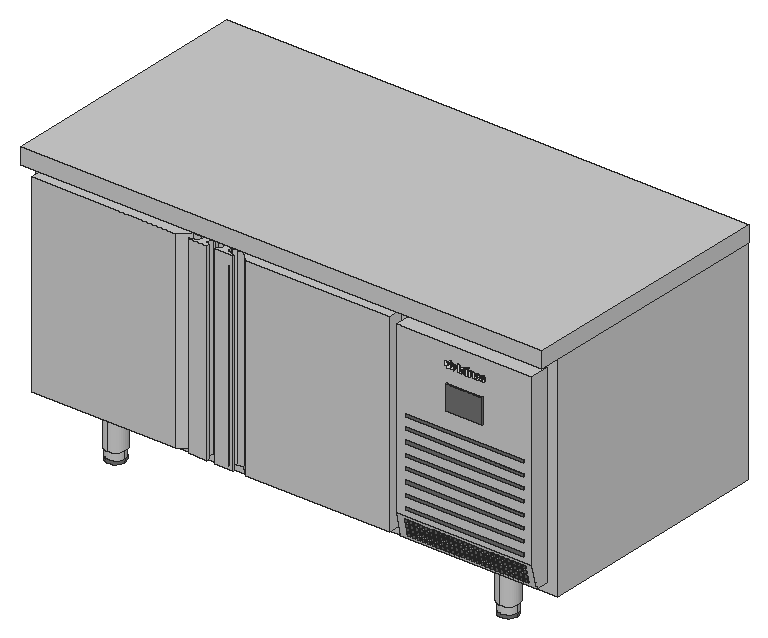
Revit family "QF_INFRICO_MR1620BT_250813014643", category Specialty Equipment, Revit 2021
Family settings
  Round Connector Dimension = Use Diameter
  Part Type = Normal
  OmniClass Number = 23.40.40.14
  OmniClass Title = Food Service Equipment
  Work Plane-Based = No
  Always vertical = Yes
  Cut with Voids When Loaded = No
  Shared = No
  Room Calculation Point = No
Parameters (values of type "MR1620BT")
  Weight [instance] = 160.00 kg
  Waste Water Discharge Temperature [instance] = 0 °C
  Waste Remarks [instance] = ""
  Warranty Start Date [instance] = ""
  Warranty Duration [instance] = ""
  Volts [instance] = 230 V
  Volt Free Conn [instance] = no
  URL Recommended Spares List [instance] = ""
  URL Manufacturer [instance] = ""
  URL Cutsheet [instance] = ""
  URL Critical Spares List [instance] = ""
  URL = "www.infrico.com"
  Technical Documentation [instance] = ""
  Tag Number [instance] = ""
  Status [instance] = ""
  Start Up Current [instance] = 0 A
  Specification by User [instance] = ""
  Specification by Manufacturer [instance] = ""
  Sound Level [instance] = ""
  Show Logo [instance] = yes
  Show Clearances [instance] = yes
  Service Life Duration [instance] = ""
  Serial Number [instance] = ""
  Seismic Rating [instance] = ""
  SMACNA No [instance] = ""
  Revision Code [instance] = ""
  Revision [instance] = ""
  Production Year [instance] = ""
  Potential Equalisation [instance] = no
  Point Load [instance] = 0
  Plumbing Connection Type [instance] = ""
  Phase [instance] = 1
  Other Equipment Approvals [instance] = ""
  Operational Current [instance] = 0 A
  Number of Poles [instance] = 2
  No Load Power Draw [instance] = no
  NAFEM Spec ID Number [instance] = ""
  Model Warning [instance] = ""
  Model = "MR1620BT"
  Min Ckt Ampacity [instance] = 0 A
  Max Overcurrent Protection [instance] = 0 A
  Masterspec [instance] = ""
  Manufacturer = "INFRICO"
  Main switch integrated [instance] = no
  Length Actual [instance] = 1617.98 mm
  Item Number [instance] = ""
  Installed By [instance] = ""
  Installation Date [instance] = ""
  Indirect Waste Size [instance] = 19.05 mm
  Indirect Waste Remarks [instance] = ""
  Indirect Waste Flow [instance] = 0.0 L/s
  Indirect Waste Connection Type [instance] = ""
  Indirect Waste Connection Height [instance] = 0 mm
  Identify Quantity as Lot [instance] = no
  ID [instance] = ""
  Hygiene Approval [instance] = ""
  Height Actual [instance] = 849.884 mm
  HP power [instance] = ""
  Furnished By [instance] = ""
  Foodservice Equipment Identifier [instance] = no
  FL Amps [instance] = 0 A
  Electrical Remarks [instance] = ""
  Electric power [instance] = 650 W
  Electric Connection Type [instance] = ""
  Elec Conn RI Height [instance] = 0 mm
  Elec Conn Connection Height [instance] = 0 mm
  ETL Approved [instance] = no
  Direct Waste Water Discharge Temperature [instance] = -273.15 °C
  Direct Waste Size [instance] = 19.05 mm
  Direct Waste RI Height [instance] = 0 mm
  Direct Waste Flow [instance] = 0.0 L/s
  Direct Waste Connection Height [instance] = 0 mm
  Description = "EURONORM 600X400 PASTRY COUNTER REFRIGERATOR AND FREEZER 800 SERIES - R134A"
  Depth Actual [instance] = 800.1 mm
  Default Elevation = 0 mm
  Cycle [instance] = 50 Hz
  Cost = 0
  Connection to energy optimisation system [instance] = yes
  Conn Plug [instance] = ""
  Conn Conduit [instance] = no
  Centralized building control system with digital interface [instance] = ""
  CSI MasterFormat [instance] = ""
  CE Approved [instance] = no
  Barcode [instance] = 0
  Author [instance] = ""
  Asset Identifier [instance] = ""
  Apparent Power [instance] = 650 VA
  Accessory [instance] = no
Reference planes
  plane 1 "Center (Front/Back)": y = 0
  plane 2: z = 0
  plane 3 "Center (Left/Right)": x = 0
Forms (mm)
  Extrusion 1, solid, not visible
    sketch origin (615.03, -113.006, 142.007) x (1, 0, 0) y (0, 1, 0)
      loop
        line (-2, 2) -> (-2, -2) -> (2, -2) -> (2, 2) -> (-2, 2)
    from -2 to 2
  Extrusion 2, solid, not visible
    sketch origin (1556.076, -60.003, 142.007) x (1, 0, 0) y (0, 1, 0)
      loop
        line (-2, 2) -> (-2, -2) -> (2, -2) -> (2, 2) -> (-2, 2)
    from -2 to 2
Dimensions and locks
  locked: nested 2 to Extrusion 1 at 2  (x2)
  locked: nested 3 to Extrusion 2 at 2  (x2)
  aligned and locked: level to plane 2
Nested families
  nested 1: "QF_INFRICO_MR1620_2920" at (0, 0, 140), type "MR1620BT"
    with Weight 160.00 kg, Warranty Start Date "", Warranty Duration "", URL Cutsheet "", Technical Documentation "", Tag Number "", Status "", Specification by User "", Specification by Manufacturer "", Sound Level "", Solid Fuel Type "", Show Logo yes, Show Clearances yes, Show Clearance yes, Service Life Duration "", Serial Number "", Seismic Rating "", SMACNA No "", Revision Code "", Revision "", Production Year "", Point Load 0, Other Equipment Approvals "", NAFEM Spec ID Number "", Model Warning "", Masterspec "", Length Actual 1617.98 mm, Item Number "", Installed By "", Installation Date "", Identify Quantity as Lot yes, ID "", Hygiene Approval "", Height Actual 849.884 mm, Furnished By "", Foodservice Equipment Identifier yes, ETL Approved yes, Depth Actual 800.1 mm, CSI MasterFormat "", CE Approved no, Barcode "", Author "", Asset Identifier "", Accessory no
  nested 2: "CONN_POINT_DRAIN_2D___Generic_Annotation" at (615.03, -113.006, 140.007), type "CONN_POINT_DRAIN_2D___Generic_Annotation"
    with Onboard connection annotation symbol visibility yes
  nested 3: "CONN_POINT_ELE_2D___Generic_Annotation" at (1556.076, -60.003, 140.007), type "CONN_POINT_ELE_2D___Generic_Annotation"
    with Onboard connection annotation symbol visibility yes
  nested 4: "QF_INFRICO_MR_DOOR_SX_4840" at (22, -738, 168), type "MR_DOOR_SX"
    with Weight 0.00 kg, Warranty Start Date "", Warranty Duration "", URL Cutsheet "", Technical Documentation "", Tag Number "", Status "", Specification by User "", Specification by Manufacturer "", Sound Level "", Solid Fuel Type "", Show Logo yes, Show Clearances yes, Show Clearance yes, Service Life Duration "", Serial Number "", Seismic Rating "", SMACNA No "", Revision Code "", Revision "", Production Year "", Point Load 0, Other Equipment Approvals "", NAFEM Spec ID Number "", Model Warning "", Masterspec "", Length Actual 542.036 mm, Item Number "", Installed By "", Installation Date "", Identify Quantity as Lot yes, ID "", Hygiene Approval "", Height Actual 596.9 mm, Furnished By "", Foodservice Equipment Identifier yes, ETL Approved yes, Depth Actual 54.102 mm, CSI MasterFormat "", CE Approved no, Barcode "", Author "", Asset Identifier "", Accessory yes
  nested 5: "QF_INFRICO_MR_DOOR_DX_5621" at (589, -738, 168), type "MR_DOOR_DX"
    with Weight 0.00 kg, Warranty Start Date "", Warranty Duration "", URL Cutsheet "", Technical Documentation "", Tag Number "", Status "", Specification by User "", Specification by Manufacturer "", Sound Level "", Solid Fuel Type "", Show Logo yes, Show Clearances yes, Show Clearance yes, Service Life Duration "", Serial Number "", Seismic Rating "", SMACNA No "", Revision Code "", Revision "", Production Year "", Point Load 0, Other Equipment Approvals "", NAFEM Spec ID Number "", Model Warning "", Masterspec "", Length Actual 542.036 mm, Item Number "", Installed By "", Installation Date "", Identify Quantity as Lot yes, ID "", Hygiene Approval "", Height Actual 596.9 mm, Furnished By "", Foodservice Equipment Identifier yes, ETL Approved yes, Depth Actual 54.102 mm, CSI MasterFormat "", CE Approved no, Barcode "", Author "", Asset Identifier "", Accessory yes
  nested 6: "QF_INFRICO_WORKTOP_6398" at (0, 0, 800), type "ENC12SPMR16"
    with Weight 0.00 kg, Warranty Start Date "", Warranty Duration "", URL Cutsheet "", Technical Documentation "", Tag Number "", Status "", Specification by User "", Specification by Manufacturer "", Sound Level "", Solid Fuel Type "", Show Logo yes, Show Clearances yes, Show Clearance yes, Service Life Duration "", Serial Number "", Seismic Rating "", SMACNA No "", Revision Code "", Revision "", Production Year "", Point Load 0, Other Equipment Approvals "", NAFEM Spec ID Number "", Model Warning "", Masterspec "", Length Actual 1617.98 mm, Item Number "", Installed By "", Installation Date "", Identify Quantity as Lot yes, ID "", Hygiene Approval "", Height Actual 50.038 mm, Furnished By "", Foodservice Equipment Identifier yes, ETL Approved yes, Depth Actual 800.1 mm, CSI MasterFormat "", CE Approved no, Barcode "", Author "", Asset Identifier "", Accessory yes
  nested 7: "QF_INFRICO_LEGS_7242" at (0, 0, 0), type "LEGS_1610_800"
    with Weight 0.00 kg, Warranty Start Date "", Warranty Duration "", URL Cutsheet "", Technical Documentation "", Tag Number "", Status "", Specification by User "", Specification by Manufacturer "", Sound Level "", Solid Fuel Type "", Show Logo yes, Show Clearances yes, Show Clearance yes, Service Life Duration "", Serial Number "", Seismic Rating "", SMACNA No "", Revision Code "", Revision "", Production Year "", Point Load 0, Other Equipment Approvals "", NAFEM Spec ID Number "", Model Warning "", Masterspec "", Length Actual 1468.12 mm, Item Number "", Installed By "", Installation Date "", Identify Quantity as Lot yes, ID "", Hygiene Approval "", Height Actual 139.954 mm, Furnished By "", Foodservice Equipment Identifier yes, ETL Approved yes, Depth Actual 800.1 mm, CSI MasterFormat "", CE Approved no, Barcode "", Author "", Asset Identifier "", Accessory yes
Connectors
  piping at (615.03, -113.006, 140.007), diameter 19.05, driven by "Indirect Waste Size", driven by "Direct Waste Flow"
    settings: on Extrusion 1, index 1, connector inside diameter 609.6 mm, connector length 0 mm, flow factor 0, pipe flow 0.0 L/s, pressure drop 0.0 Pa, fitting loss kfactor 0, connector angle 0.00°, fixture units 0, engagement length 0 mm, angle of deflection 0.00°, flow configuration 1, flow direction 2, fitting loss method 0, system type 16, joint type 0, gender type 0, connector reference index -1, connector utility 0, adjustable connector no, is connector primary yes, connector description "Waste connection for MR1620BT"
  electrical at (1556.076, -60.003, 140.007), driven by "Apparent Power", driven by "Number of Poles", driven by "Volts"
    settings: on Extrusion 2, index 2, voltage 230 V, apparent load 0 VA, apparent load phase1 650 VA, apparent load phase2 0 VA, apparent load phase3 0 VA, power factor 1, load classification "Other", number of poles 2, system type 31, power factor state 1, is connector primary yes, connector utility no, sub classification motor no, connector description "Electrical connection for MR1620BT"
Definition of nested family "QF_INFRICO_MR1620_2920"
  Parameters (values of type "MR1620-R290")
    Weight [instance] = 0.00 kg
    Warranty Start Date [instance] = ""
    Warranty Duration [instance] = ""
    URL Cutsheet [instance] = ""
    URL = "www.infrico.com"
    Technical Documentation [instance] = ""
    Tag Number [instance] = ""
    Status [instance] = ""
    Specification by User [instance] = ""
    Specification by Manufacturer [instance] = ""
    Sound Level [instance] = ""
    Solid Fuel Type [instance] = ""
    Show Logo [instance] = yes
    Show Clearances [instance] = yes
    Show Clearance [instance] = yes
    Service Life Duration [instance] = ""
    Serial Number [instance] = ""
    Seismic Rating [instance] = ""
    SMACNA No [instance] = ""
    Revision Code [instance] = ""
    Revision [instance] = ""
    Production Year [instance] = ""
    Point Load [instance] = 0
    Other Equipment Approvals [instance] = ""
    NAFEM Spec ID Number [instance] = ""
    Model Warning [instance] = ""
    Model = "MR1620"
    Masterspec [instance] = ""
    Manufacturer = "INFRICO"
    Length Actual [instance] = 0 mm
    Item Number [instance] = ""
    Installed By [instance] = ""
    Installation Date [instance] = ""
    Identify Quantity as Lot [instance] = yes
    ID [instance] = ""
    Hygiene Approval [instance] = ""
    Height Actual [instance] = 0 mm
    Furnished By [instance] = ""
    Foodservice Equipment Identifier [instance] = yes
    ETL Approved [instance] = yes
    Description = "EURONORM 600X400 PASTRY COUNTER REFRIGERATOR AND FREEZER 800 SERIES - R290"
    Depth Actual [instance] = 0 mm
    Default Elevation = 0 mm
    CSI MasterFormat [instance] = ""
    CE Approved [instance] = yes
    Barcode [instance] = ""
    Author [instance] = ""
    Asset Identifier [instance] = ""
    Assembly Code = "E1090320"
    Accessory [instance] = yes
  Types (4, lengths in mm): name | Model | Description
    MR1620 | "MR1620" | "EURONORM 600X400 PASTRY COUNTER REFRIGERATOR AND FREEZER 800 SERIES - R134A"
    MR1620BT | "MR1620BT" | "EURONORM 600X400 PASTRY COUNTER REFRIGERATOR AND FREEZER 800 SERIES - R134A"
    MR1620CR | "MR1620CR" | "GLASS DOOR EURONORM 600X400 PASTRY COUNTER REFRIGERATOR 800 SERIES - R134A"
    MR1620-R290 | "MR1620" | "EURONORM 600X400 PASTRY COUNTER REFRIGERATOR AND FREEZER 800 SERIES - R290"
  Reference planes
    plane 1 "Back": y = 0
    plane 2: z = 0
    plane 3 "Left": x = 0
    plane 4 "Right": x = 1618
    plane 5 "Front": y = -800
    plane 6 "Top": z = 660
  Forms (mm)
    Extrusion 1, solid
      sketch origin (150, -100, -140) x (0, 1, 0) y (0, 0, 1)
        loop
          line (-638.02, 765.292) -> (-695.03, 765.292) -> (-695.03, 238.436) -> (-678.769, 168) -> (-638.02, 168) -> (-638.02, 765.292)
      from 1013.993 to 1433.993
    Extrusion 2, solid
      sketch origin (-1850, -793.13, -140) x (1, 0, 0) y (0, 0, 1)
        loop
          line (3408.016, 523.949) -> (3040.73, 523.949) -> (3040.73, 514.949) -> (3408.016, 514.949) -> (3408.016, 523.949)
        loop
          line (3408.016, 486.949) -> (3040.73, 486.949) -> (3040.73, 477.949) -> (3408.016, 477.949) -> (3408.016, 486.949)
        loop
          line (3408.016, 449.949) -> (3040.73, 449.949) -> (3040.73, 440.949) -> (3408.016, 440.949) -> (3408.016, 449.949)
        loop
          line (3408.016, 412.949) -> (3040.73, 412.949) -> (3040.73, 403.949) -> (3408.016, 403.949) -> (3408.016, 412.949)
        loop
          line (3408.016, 375.949) -> (3040.73, 375.949) -> (3040.73, 366.949) -> (3408.016, 366.949) -> (3408.016, 375.949)
        loop
          line (3408.016, 338.949) -> (3040.73, 338.949) -> (3040.73, 329.949) -> (3408.016, 329.949) -> (3408.016, 338.949)
        loop
          line (3408.016, 301.949) -> (3040.73, 301.949) -> (3040.73, 292.949) -> (3408.016, 292.949) -> (3408.016, 301.949)
        loop
          line (3408.016, 264.949) -> (3040.73, 264.949) -> (3040.73, 255.949) -> (3408.016, 255.949) -> (3408.016, 264.949)
      from 0 to 2
    Extrusion 3, solid
      sketch origin (-1850, -739.263, -134.673) x (1, 0, 0) y (0, -0.224951, 0.97437)
        loop
          line (3036.73, 215.974) -> (3036.73, 205.974) -> (3046.73, 205.974) -> (3046.73, 215.974) -> (3036.73, 215.974)
        loop
          line (3036.73, 230.769) -> (3036.73, 220.769) -> (3046.73, 220.769) -> (3046.73, 230.769) -> (3036.73, 230.769)
        loop
          line (3036.73, 186.385) -> (3036.73, 176.385) -> (3046.73, 176.385) -> (3046.73, 186.385) -> (3036.73, 186.385)
        loop
          line (3036.73, 201.179) -> (3036.73, 191.179) -> (3046.73, 191.179) -> (3046.73, 201.179) -> (3036.73, 201.179)
        loop
          line (3051.938, 215.974) -> (3051.938, 205.974) -> (3061.938, 205.974) -> (3061.938, 215.974) -> (3051.938, 215.974)
        loop
          line (3051.938, 230.769) -> (3051.938, 220.769) -> (3061.938, 220.769) -> (3061.938, 230.769) -> (3051.938, 230.769)
        loop
          line (3051.938, 186.385) -> (3051.938, 176.385) -> (3061.938, 176.385) -> (3061.938, 186.385) -> (3051.938, 186.385)
        loop
          line (3051.938, 201.179) -> (3051.938, 191.179) -> (3061.938, 191.179) -> (3061.938, 201.179) -> (3051.938, 201.179)
        loop
          line (3067.147, 215.974) -> (3067.147, 205.974) -> (3077.147, 205.974) -> (3077.147, 215.974) -> (3067.147, 215.974)
        loop
          line (3067.147, 230.769) -> (3067.147, 220.769) -> (3077.147, 220.769) -> (3077.147, 230.769) -> (3067.147, 230.769)
        loop
          line (3067.147, 186.385) -> (3067.147, 176.385) -> (3077.147, 176.385) -> (3077.147, 186.385) -> (3067.147, 186.385)
        loop
          line (3067.147, 201.179) -> (3067.147, 191.179) -> (3077.147, 191.179) -> (3077.147, 201.179) -> (3067.147, 201.179)
        loop
          line (3082.355, 215.974) -> (3082.355, 205.974) -> (3092.355, 205.974) -> (3092.355, 215.974) -> (3082.355, 215.974)
        loop
          line (3082.355, 230.769) -> (3082.355, 220.769) -> (3092.355, 220.769) -> (3092.355, 230.769) -> (3082.355, 230.769)
        loop
          line (3082.355, 186.385) -> (3082.355, 176.385) -> (3092.355, 176.385) -> (3092.355, 186.385) -> (3082.355, 186.385)
        loop
          line (3082.355, 201.179) -> (3082.355, 191.179) -> (3092.355, 191.179) -> (3092.355, 201.179) -> (3082.355, 201.179)
        loop
          line (3097.563, 215.974) -> (3097.563, 205.974) -> (3107.563, 205.974) -> (3107.563, 215.974) -> (3097.563, 215.974)
        loop
          line (3097.563, 230.769) -> (3097.563, 220.769) -> (3107.563, 220.769) -> (3107.563, 230.769) -> (3097.563, 230.769)
        loop
          line (3097.563, 186.385) -> (3097.563, 176.385) -> (3107.563, 176.385) -> (3107.563, 186.385) -> (3097.563, 186.385)
        loop
          line (3097.563, 201.179) -> (3097.563, 191.179) -> (3107.563, 191.179) -> (3107.563, 201.179) -> (3097.563, 201.179)
        loop
          line (3112.772, 215.974) -> (3112.772, 205.974) -> (3122.772, 205.974) -> (3122.772, 215.974) -> (3112.772, 215.974)
        loop
          line (3112.772, 230.769) -> (3112.772, 220.769) -> (3122.772, 220.769) -> (3122.772, 230.769) -> (3112.772, 230.769)
        loop
          line (3112.772, 186.385) -> (3112.772, 176.385) -> (3122.772, 176.385) -> (3122.772, 186.385) -> (3112.772, 186.385)
        loop
          line (3112.772, 201.179) -> (3112.772, 191.179) -> (3122.772, 191.179) -> (3122.772, 201.179) -> (3112.772, 201.179)
        loop
          line (3127.98, 215.974) -> (3127.98, 205.974) -> (3137.98, 205.974) -> (3137.98, 215.974) -> (3127.98, 215.974)
        loop
          line (3127.98, 230.769) -> (3127.98, 220.769) -> (3137.98, 220.769) -> (3137.98, 230.769) -> (3127.98, 230.769)
        loop
          line (3127.98, 186.385) -> (3127.98, 176.385) -> (3137.98, 176.385) -> (3137.98, 186.385) -> (3127.98, 186.385)
        loop
          line (3127.98, 201.179) -> (3127.98, 191.179) -> (3137.98, 191.179) -> (3137.98, 201.179) -> (3127.98, 201.179)
        loop
          line (3143.188, 215.974) -> (3143.188, 205.974) -> (3153.188, 205.974) -> (3153.188, 215.974) -> (3143.188, 215.974)
        loop
          line (3143.188, 230.769) -> (3143.188, 220.769) -> (3153.188, 220.769) -> (3153.188, 230.769) -> (3143.188, 230.769)
        loop
          line (3143.188, 186.385) -> (3143.188, 176.385) -> (3153.188, 176.385) -> (3153.188, 186.385) -> (3143.188, 186.385)
        loop
          line (3143.188, 201.179) -> (3143.188, 191.179) -> (3153.188, 191.179) -> (3153.188, 201.179) -> (3143.188, 201.179)
        loop
          line (3158.397, 215.974) -> (3158.397, 205.974) -> (3168.397, 205.974) -> (3168.397, 215.974) -> (3158.397, 215.974)
        loop
          line (3158.397, 230.769) -> (3158.397, 220.769) -> (3168.397, 220.769) -> (3168.397, 230.769) -> (3158.397, 230.769)
        loop
          line (3158.397, 186.385) -> (3158.397, 176.385) -> (3168.397, 176.385) -> (3168.397, 186.385) -> (3158.397, 186.385)
        loop
          line (3158.397, 201.179) -> (3158.397, 191.179) -> (3168.397, 191.179) -> (3168.397, 201.179) -> (3158.397, 201.179)
        loop
          line (3173.605, 215.974) -> (3173.605, 205.974) -> (3183.605, 205.974) -> (3183.605, 215.974) -> (3173.605, 215.974)
        loop
          line (3173.605, 230.769) -> (3173.605, 220.769) -> (3183.605, 220.769) -> (3183.605, 230.769) -> (3173.605, 230.769)
        loop
          line (3173.605, 186.385) -> (3173.605, 176.385) -> (3183.605, 176.385) -> (3183.605, 186.385) -> (3173.605, 186.385)
        loop
          line (3173.605, 201.179) -> (3173.605, 191.179) -> (3183.605, 191.179) -> (3183.605, 201.179) -> (3173.605, 201.179)
        loop
          line (3188.813, 215.974) -> (3188.813, 205.974) -> (3198.813, 205.974) -> (3198.813, 215.974) -> (3188.813, 215.974)
        loop
          line (3188.813, 230.769) -> (3188.813, 220.769) -> (3198.813, 220.769) -> (3198.813, 230.769) -> (3188.813, 230.769)
        loop
          line (3188.813, 186.385) -> (3188.813, 176.385) -> (3198.813, 176.385) -> (3198.813, 186.385) -> (3188.813, 186.385)
        loop
          line (3188.813, 201.179) -> (3188.813, 191.179) -> (3198.813, 191.179) -> (3198.813, 201.179) -> (3188.813, 201.179)
        loop
          line (3204.022, 215.974) -> (3204.022, 205.974) -> (3214.022, 205.974) -> (3214.022, 215.974) -> (3204.022, 215.974)
        loop
          line (3204.022, 230.769) -> (3204.022, 220.769) -> (3214.022, 220.769) -> (3214.022, 230.769) -> (3204.022, 230.769)
        loop
          line (3204.022, 186.385) -> (3204.022, 176.385) -> (3214.022, 176.385) -> (3214.022, 186.385) -> (3204.022, 186.385)
        loop
          line (3204.022, 201.179) -> (3204.022, 191.179) -> (3214.022, 191.179) -> (3214.022, 201.179) -> (3204.022, 201.179)
        loop
          line (3219.23, 215.974) -> (3219.23, 205.974) -> (3229.23, 205.974) -> (3229.23, 215.974) -> (3219.23, 215.974)
        loop
          line (3219.23, 230.769) -> (3219.23, 220.769) -> (3229.23, 220.769) -> (3229.23, 230.769) -> (3219.23, 230.769)
        loop
          line (3219.23, 186.385) -> (3219.23, 176.385) -> (3229.23, 176.385) -> (3229.23, 186.385) -> (3219.23, 186.385)
        loop
          line (3219.23, 201.179) -> (3219.23, 191.179) -> (3229.23, 191.179) -> (3229.23, 201.179) -> (3219.23, 201.179)
        loop
          line (3234.438, 215.974) -> (3234.438, 205.974) -> (3244.438, 205.974) -> (3244.438, 215.974) -> (3234.438, 215.974)
        loop
          line (3234.438, 230.769) -> (3234.438, 220.769) -> (3244.438, 220.769) -> (3244.438, 230.769) -> (3234.438, 230.769)
        loop
          line (3234.438, 186.385) -> (3234.438, 176.385) -> (3244.438, 176.385) -> (3244.438, 186.385) -> (3234.438, 186.385)
        loop
          line (3234.438, 201.179) -> (3234.438, 191.179) -> (3244.438, 191.179) -> (3244.438, 201.179) -> (3234.438, 201.179)
        loop
          line (3249.647, 215.974) -> (3249.647, 205.974) -> (3259.647, 205.974) -> (3259.647, 215.974) -> (3249.647, 215.974)
        loop
          line (3249.647, 230.769) -> (3249.647, 220.769) -> (3259.647, 220.769) -> (3259.647, 230.769) -> (3249.647, 230.769)
        loop
          line (3249.647, 186.385) -> (3249.647, 176.385) -> (3259.647, 176.385) -> (3259.647, 186.385) -> (3249.647, 186.385)
        loop
          line (3249.647, 201.179) -> (3249.647, 191.179) -> (3259.647, 191.179) -> (3259.647, 201.179) -> (3249.647, 201.179)
        loop
          line (3264.855, 215.974) -> (3264.855, 205.974) -> (3274.855, 205.974) -> (3274.855, 215.974) -> (3264.855, 215.974)
        loop
          line (3264.855, 230.769) -> (3264.855, 220.769) -> (3274.855, 220.769) -> (3274.855, 230.769) -> (3264.855, 230.769)
        loop
          line (3264.855, 186.385) -> (3264.855, 176.385) -> (3274.855, 176.385) -> (3274.855, 186.385) -> (3264.855, 186.385)
        loop
          line (3264.855, 201.179) -> (3264.855, 191.179) -> (3274.855, 191.179) -> (3274.855, 201.179) -> (3264.855, 201.179)
        loop
          line (3280.063, 215.974) -> (3280.063, 205.974) -> (3290.063, 205.974) -> (3290.063, 215.974) -> (3280.063, 215.974)
        loop
          line (3280.063, 230.769) -> (3280.063, 220.769) -> (3290.063, 220.769) -> (3290.063, 230.769) -> (3280.063, 230.769)
        loop
          line (3280.063, 186.385) -> (3280.063, 176.385) -> (3290.063, 176.385) -> (3290.063, 186.385) -> (3280.063, 186.385)
        loop
          line (3280.063, 201.179) -> (3280.063, 191.179) -> (3290.063, 191.179) -> (3290.063, 201.179) -> (3280.063, 201.179)
        loop
          line (3295.272, 215.974) -> (3295.272, 205.974) -> (3305.272, 205.974) -> (3305.272, 215.974) -> (3295.272, 215.974)
        loop
          line (3295.272, 230.769) -> (3295.272, 220.769) -> (3305.272, 220.769) -> (3305.272, 230.769) -> (3295.272, 230.769)
        loop
          line (3295.272, 186.385) -> (3295.272, 176.385) -> (3305.272, 176.385) -> (3305.272, 186.385) -> (3295.272, 186.385)
        loop
          line (3295.272, 201.179) -> (3295.272, 191.179) -> (3305.272, 191.179) -> (3305.272, 201.179) -> (3295.272, 201.179)
        loop
          line (3310.48, 215.974) -> (3310.48, 205.974) -> (3320.48, 205.974) -> (3320.48, 215.974) -> (3310.48, 215.974)
        loop
          line (3310.48, 230.769) -> (3310.48, 220.769) -> (3320.48, 220.769) -> (3320.48, 230.769) -> (3310.48, 230.769)
        loop
          line (3310.48, 186.385) -> (3310.48, 176.385) -> (3320.48, 176.385) -> (3320.48, 186.385) -> (3310.48, 186.385)
        loop
          line (3310.48, 201.179) -> (3310.48, 191.179) -> (3320.48, 191.179) -> (3320.48, 201.179) -> (3310.48, 201.179)
        loop
          line (3325.688, 215.974) -> (3325.688, 205.974) -> (3335.688, 205.974) -> (3335.688, 215.974) -> (3325.688, 215.974)
        loop
          line (3325.688, 230.769) -> (3325.688, 220.769) -> (3335.688, 220.769) -> (3335.688, 230.769) -> (3325.688, 230.769)
        loop
          line (3325.688, 186.385) -> (3325.688, 176.385) -> (3335.688, 176.385) -> (3335.688, 186.385) -> (3325.688, 186.385)
        loop
          line (3325.688, 201.179) -> (3325.688, 191.179) -> (3335.688, 191.179) -> (3335.688, 201.179) -> (3325.688, 201.179)
        loop
          line (3340.897, 215.974) -> (3340.897, 205.974) -> (3350.897, 205.974) -> (3350.897, 215.974) -> (3340.897, 215.974)
        loop
          line (3340.897, 230.769) -> (3340.897, 220.769) -> (3350.897, 220.769) -> (3350.897, 230.769) -> (3340.897, 230.769)
        loop
          line (3340.897, 186.385) -> (3340.897, 176.385) -> (3350.897, 176.385) -> (3350.897, 186.385) -> (3340.897, 186.385)
        loop
          line (3340.897, 201.179) -> (3340.897, 191.179) -> (3350.897, 191.179) -> (3350.897, 201.179) -> (3340.897, 201.179)
        loop
          line (3356.105, 215.974) -> (3356.105, 205.974) -> (3366.105, 205.974) -> (3366.105, 215.974) -> (3356.105, 215.974)
        loop
          line (3356.105, 230.769) -> (3356.105, 220.769) -> (3366.105, 220.769) -> (3366.105, 230.769) -> (3356.105, 230.769)
        loop
          line (3356.105, 186.385) -> (3356.105, 176.385) -> (3366.105, 176.385) -> (3366.105, 186.385) -> (3356.105, 186.385)
        loop
          line (3356.105, 201.179) -> (3356.105, 191.179) -> (3366.105, 191.179) -> (3366.105, 201.179) -> (3356.105, 201.179)
        loop
          line (3371.313, 215.974) -> (3371.313, 205.974) -> (3381.313, 205.974) -> (3381.313, 215.974) -> (3371.313, 215.974)
        loop
          line (3371.313, 230.769) -> (3371.313, 220.769) -> (3381.313, 220.769) -> (3381.313, 230.769) -> (3371.313, 230.769)
        loop
          line (3371.313, 186.385) -> (3371.313, 176.385) -> (3381.313, 176.385) -> (3381.313, 186.385) -> (3371.313, 186.385)
        loop
          line (3371.313, 201.179) -> (3371.313, 191.179) -> (3381.313, 191.179) -> (3381.313, 201.179) -> (3371.313, 201.179)
        loop
          line (3386.522, 215.974) -> (3386.522, 205.974) -> (3396.522, 205.974) -> (3396.522, 215.974) -> (3386.522, 215.974)
        loop
          line (3386.522, 230.769) -> (3386.522, 220.769) -> (3396.522, 220.769) -> (3396.522, 230.769) -> (3386.522, 230.769)
        loop
          line (3386.522, 186.385) -> (3386.522, 176.385) -> (3396.522, 176.385) -> (3396.522, 186.385) -> (3386.522, 186.385)
        loop
          line (3386.522, 201.179) -> (3386.522, 191.179) -> (3396.522, 191.179) -> (3396.522, 201.179) -> (3386.522, 201.179)
        loop
          line (3401.73, 215.974) -> (3401.73, 205.974) -> (3411.73, 205.974) -> (3411.73, 215.974) -> (3401.73, 215.974)
        loop
          line (3401.73, 230.769) -> (3401.73, 220.769) -> (3411.73, 220.769) -> (3411.73, 230.769) -> (3401.73, 230.769)
        loop
          line (3401.73, 186.385) -> (3401.73, 176.385) -> (3411.73, 176.385) -> (3411.73, 186.385) -> (3401.73, 186.385)
        loop
          line (3401.73, 201.179) -> (3401.73, 191.179) -> (3411.73, 191.179) -> (3411.73, 201.179) -> (3401.73, 201.179)
      from 0 to 2
    Extrusion 4, solid, visible <- "Show Logo"
      sketch origin (149.014, -793.13, -140) x (1, 0, 0) y (0, 0, 1)
        loop
          line (1208.799, 696.53) -> (1208.799, 719.204) -> (1204.173, 719.204) -> (1204.173, 696.53) -> (1208.799, 696.53)
        loop
          line (1214.779, 713.006) -> (1211.283, 713.006) -> (1211.283, 696.53) -> (1215.772, 696.53) -> (1215.772, 707.832)
          arc (1215.772, 707.832) -> (1217.528, 708.741) -> (1219.417, 709.324) r 11.052
          arc (1219.417, 709.324) -> (1220.929, 708.961) -> (1221.598, 707.557) r 1.806
          line (1221.598, 707.557) -> (1221.598, 696.53) -> (1226.121, 696.53) -> (1226.121, 708.689)
          arc (1226.121, 708.689) -> (1224.637, 712.075) -> (1221.141, 713.281) r 4.607
          arc (1221.141, 713.281) -> (1218.282, 712.674) -> (1215.669, 711.361) r 11.435
          line (1215.669, 711.361) -> (1215.601, 712.184)
          arc (1215.601, 712.184) -> (1215.36, 712.765) -> (1214.779, 713.006) r 0.822
        loop
          line (1238.557, 720.102) -> (1237.306, 720.102)
          arc (1237.306, 720.102) -> (1235.052, 719.926) -> (1232.881, 719.297) r 11.103
          arc (1232.881, 719.297) -> (1230.805, 717.616) -> (1230.024, 715.062) r 4.567
          line (1230.024, 715.062) -> (1230.024, 712.909) -> (1227.351, 712.703) -> (1227.351, 709.374) -> (1230.024, 709.374) -> (1230.024, 696.53) -> (1234.547, 696.53) -> (1234.547, 709.374) -> (1238.249, 709.374) -> (1238.249, 712.938) -> (1234.547, 712.938) -> (1234.547, 714.548)
          arc (1234.547, 714.548) -> (1234.956, 715.705) -> (1236.045, 716.271) r 1.67
          line (1236.045, 716.271) -> (1237.7, 716.399)
          arc (1237.7, 716.399) -> (1238.306, 716.65) -> (1238.557, 717.255) r 0.857
          line (1238.557, 717.255) -> (1238.557, 720.102)
        loop
          line (1239.479, 713.006) -> (1239.479, 696.53) -> (1243.968, 696.53) -> (1243.968, 707.352)
          arc (1243.968, 707.352) -> (1245.873, 708.631) -> (1248.077, 709.268) r 7.435
          line (1248.077, 709.268) -> (1249.241, 709.416)
          arc (1249.241, 709.416) -> (1249.643, 709.758) -> (1249.793, 710.265) r 0.928
          line (1249.793, 710.265) -> (1249.793, 712.458)
          arc (1249.793, 712.458) -> (1249.531, 713.061) -> (1248.912, 713.28) r 0.824
          arc (1248.912, 713.28) -> (1246.197, 712.588) -> (1243.899, 710.984) r 7.833
          line (1243.899, 710.984) -> (1243.726, 713.006) -> (1239.479, 713.006)
        loop
          line (1255.495, 696.53) -> (1255.495, 713.006) -> (1251.006, 713.006) -> (1251.006, 696.53) -> (1255.495, 696.53)
        loop
          arc (1257.421, 701.327) -> (1258.567, 698.188) -> (1261.466, 696.525) r 4.873
          arc (1261.466, 696.525) -> (1264.493, 696.266) -> (1267.521, 696.525) r 17.816
          arc (1267.521, 696.525) -> (1270.575, 699.134) -> (1271.505, 703.041) r 6.481
          line (1271.505, 703.041) -> (1267.187, 703.041) -> (1267.187, 701.67)
          arc (1267.187, 701.67) -> (1266.64, 700.452) -> (1265.442, 699.865) r 1.965
          arc (1265.442, 699.865) -> (1264.547, 699.816) -> (1263.653, 699.865) r 8.196
          arc (1263.653, 699.865) -> (1262.417, 700.415) -> (1261.91, 701.67) r 1.806
          line (1261.91, 701.67) -> (1261.91, 707.9)
          arc (1261.91, 707.9) -> (1262.417, 709.155) -> (1263.653, 709.705) r 1.806
          arc (1263.653, 709.705) -> (1264.547, 709.754) -> (1265.442, 709.705) r 8.196
          arc (1265.442, 709.705) -> (1266.64, 709.118) -> (1267.187, 707.9) r 1.965
          line (1267.187, 707.9) -> (1267.187, 706.838) -> (1271.505, 706.838)
          arc (1271.505, 706.838) -> (1270.524, 710.556) -> (1267.521, 712.959) r 6.132
          arc (1267.521, 712.959) -> (1264.493, 713.294) -> (1261.466, 712.959) r 13.851
          arc (1261.466, 712.959) -> (1258.571, 711.349) -> (1257.421, 708.243) r 4.772
          line (1257.421, 708.243) -> (1257.421, 701.327)
        loop
          arc (1272.916, 701.329) -> (1273.993, 698.345) -> (1276.726, 696.734) r 4.676
          arc (1276.726, 696.734) -> (1278.515, 696.455) -> (1280.318, 696.291) r 28.371
          arc (1280.318, 696.291) -> (1282.122, 696.455) -> (1283.911, 696.734) r 28.371
          arc (1283.911, 696.734) -> (1286.644, 698.345) -> (1287.72, 701.329) r 4.676
          line (1287.72, 701.329) -> (1287.72, 708.242)
          arc (1287.72, 708.242) -> (1286.644, 711.226) -> (1283.911, 712.837) r 4.676
          arc (1283.911, 712.837) -> (1282.122, 713.116) -> (1280.318, 713.28) r 28.371
          arc (1280.318, 713.28) -> (1278.515, 713.116) -> (1276.726, 712.837) r 28.371
          arc (1276.726, 712.837) -> (1273.993, 711.226) -> (1272.916, 708.242) r 4.676
          line (1272.916, 708.242) -> (1272.916, 701.329)
        loop
          line (1277.405, 707.866) -> (1277.405, 701.705)
          arc (1277.405, 701.705) -> (1277.844, 700.556) -> (1278.936, 699.991) r 1.725
          arc (1278.936, 699.991) -> (1279.627, 699.918) -> (1280.318, 699.856) r 46.133
          arc (1280.318, 699.856) -> (1281.01, 699.918) -> (1281.701, 699.991) r 46.133
          arc (1281.701, 699.991) -> (1282.793, 700.556) -> (1283.231, 701.705) r 1.725
          line (1283.231, 701.705) -> (1283.231, 707.866)
          arc (1283.231, 707.866) -> (1282.793, 709.015) -> (1281.701, 709.58) r 1.725
          arc (1281.701, 709.58) -> (1281.01, 709.653) -> (1280.318, 709.716) r 46.133
          arc (1280.318, 709.716) -> (1279.627, 709.653) -> (1278.936, 709.58) r 46.133
          arc (1278.936, 709.58) -> (1277.844, 709.015) -> (1277.405, 707.866) r 1.725
        loop
          arc (1190.339, 696.543) -> (1191.411, 696.987) -> (1191.856, 698.059) r 1.516
          line (1191.856, 698.059) -> (1191.856, 703.891) -> (1196.035, 703.891)
          arc (1196.035, 703.891) -> (1196.79, 704.121) -> (1197.218, 704.782) r 1.147
          line (1197.218, 704.782) -> (1197.218, 706.211)
          arc (1197.218, 706.211) -> (1196.787, 707.258) -> (1195.719, 707.634) r 1.385
          line (1195.719, 707.634) -> (1194.52, 707.634) -> (1197.218, 710.332)
          arc (1197.218, 710.332) -> (1197.605, 711.266) -> (1197.218, 712.2) r 1.321
          line (1197.218, 712.2) -> (1196.495, 712.923)
          arc (1196.495, 712.923) -> (1195.54, 713.338) -> (1194.558, 712.991) r 1.422
          line (1194.558, 712.991) -> (1191.853, 710.286) -> (1191.853, 711.479)
          arc (1191.853, 711.479) -> (1191.443, 712.516) -> (1190.435, 712.992) r 1.516
          line (1190.435, 712.992) -> (1189.514, 712.992)
          arc (1189.514, 712.992) -> (1188.511, 712.514) -> (1188.103, 711.479) r 1.516
          line (1188.103, 711.479) -> (1188.103, 706.83) -> (1182.073, 701.336) -> (1182.073, 707.509) -> (1185.639, 711.075)
          arc (1185.639, 711.075) -> (1186.053, 712.073) -> (1185.639, 713.071) r 1.412
          line (1185.639, 713.071) -> (1184.987, 713.723)
          arc (1184.987, 713.723) -> (1183.939, 714.141) -> (1182.915, 713.667) r 1.428
          line (1182.915, 713.667) -> (1182.073, 712.825) -> (1182.073, 717.784)
          arc (1182.073, 717.784) -> (1181.658, 718.787) -> (1180.655, 719.203) r 1.418
          line (1180.655, 719.203) -> (1179.726, 719.203)
          arc (1179.726, 719.203) -> (1178.723, 718.787) -> (1178.308, 717.784) r 1.418
          line (1178.308, 717.784) -> (1178.308, 712.825) -> (1177.466, 713.667)
          arc (1177.466, 713.667) -> (1176.442, 714.141) -> (1175.394, 713.723) r 1.428
          line (1175.394, 713.723) -> (1174.742, 713.071)
          arc (1174.742, 713.071) -> (1174.328, 712.073) -> (1174.742, 711.075) r 1.412
          line (1174.742, 711.075) -> (1178.308, 707.509) -> (1178.308, 701.336) -> (1172.278, 706.83) -> (1172.278, 711.479)
          arc (1172.278, 711.479) -> (1171.87, 712.514) -> (1170.867, 712.992) r 1.516
          line (1170.867, 712.992) -> (1169.946, 712.992)
          arc (1169.946, 712.992) -> (1168.938, 712.516) -> (1168.528, 711.479) r 1.516
          line (1168.528, 711.479) -> (1168.528, 710.286) -> (1165.823, 712.991)
          arc (1165.823, 712.991) -> (1164.841, 713.338) -> (1163.886, 712.923) r 1.422
          line (1163.886, 712.923) -> (1163.163, 712.2)
          arc (1163.163, 712.2) -> (1162.776, 711.266) -> (1163.163, 710.332) r 1.321
          line (1163.163, 710.332) -> (1165.861, 707.634) -> (1164.662, 707.634)
          arc (1164.662, 707.634) -> (1163.594, 707.258) -> (1163.163, 706.211) r 1.385
          line (1163.163, 706.211) -> (1163.163, 704.782)
          arc (1163.163, 704.782) -> (1163.591, 704.121) -> (1164.346, 703.891) r 1.147
          line (1164.346, 703.891) -> (1168.525, 703.891) -> (1168.525, 698.059)
          arc (1168.525, 698.059) -> (1168.969, 696.987) -> (1170.042, 696.543) r 1.516
          line (1170.042, 696.543) -> (1190.339, 696.543)
      from 0 to 2
    Extrusion 5, solid
      sketch origin (149.014, -100, -140) x (1, 0, 0) y (0, 0, 1)
        loop
          line (1169.616, 654.3) -> (1169.616, 577.9) -> (1281.216, 577.9) -> (1281.216, 654.3) -> (1169.616, 654.3)
      from 695.03 to 698.23
    Extrusion 6, solid
      sketch origin (1016.5, 58.5, 0) x (1, 0, 0) y (0, 1, 0)
        loop
          circle (539.5, -118.5) r 12.7
      from -5 to 0
    Extrusion 7, solid
      sketch origin (0, 0, 0) x (1, 0, 0) y (0, 1, 0)
        loop
          circle (615, -113) r 9.525
      from -5 to 0
    Extrusion 8, solid
      sketch origin (0, -100, 0) x (1, 0, 0) y (0, 1, 0)
        loop
          line (0, -638.02) -> (1618, -638.02) -> (1618, 100) -> (0, 100) -> (0, -638.02)
        loop
          line (60, 40) -> (60, -578.02) -> (1558, -578.02) -> (1558, 40) -> (60, 40)
      from 0 to 660
    Extrusion 9, solid
      sketch origin (0, -100, 0) x (1, 0, 0) y (0, 0, 1)
        loop
          line (60, 0) -> (1558.016, 0) -> (1558.016, 60) -> (60, 60) -> (60, 0)
      from -40 to 578.02
    Extrusion 10, void
      sketch origin (0, -100, 0) x (1, 0, 0) y (0, 0, 1)
        loop
          line (60, 600) -> (60, 60) -> (1070, 60) -> (1070, 600) -> (60, 600)
      from -40 to 638.02
    Extrusion 11, solid
      sketch origin (75, -100, 0) x (1, 0, 0) y (0, 1, 0)
        loop
          line (454, -638.02) -> (549, -638.02) -> (549, -628.02) -> (454, -628.02) -> (454, -638.02)
      from 60 to 600
  Cuts and joins
    Extrusion 10 cuts Extrusion 8
    Extrusion 10 cuts Extrusion 9
    joined: Extrusion 8, Extrusion 9
  Lines and regions (mm)
    symbolic lines, visible <- "Show Clearance"
      curve 1: line (1618, 0, 0) -> (0, 0, 0)
      curve 2: line (0, 0, 0) -> (0, -800, 0)
      curve 3: line (0, -800, 0) -> (1618, -800, 0)
      curve 4: line (1618, -800, 0) -> (1618, 0, 0)
  Dimensions and locks
    plane 4 "Right" to plane 3 "Left" = 1618 mm
    plane 6 "Top" to level = 660 mm
    plane 1 "Back" to plane 5 "Front" = 800 mm  (x2)
    plane 3 "Left" to plane 4 "Right" = 1618 mm
    aligned and locked: level to plane 2
  Connectors
    electrical at (1556, -60, -5)
      settings: on Extrusion 6, index 1, voltage 0 V, apparent load 0 VA, apparent load phase1 0 VA, apparent load phase2 0 VA, apparent load phase3 0 VA, power factor 1, load classification none, number of poles 1, system type 31, power factor state 1, is connector primary yes, connector utility no, sub classification motor no, connector description "Electrical collection"
    piping at (615, -113, -5), diameter 19.1
      settings: on Extrusion 7, index 2, connector inside diameter 609.6 mm, connector length 0 mm, flow factor 0, pipe flow 0.0 L/s, pressure drop 0.0 Pa, fitting loss kfactor 0, connector angle 0.00°, fixture units 0, engagement length 0 mm, angle of deflection 0.00°, flow configuration 1, flow direction 2, fitting loss method 0, system type 16, joint type 0, gender type 0, connector reference index -1, connector utility 0, adjustable connector no, is connector primary yes, connector description "Drain connection"
Definition of nested family "QF_INFRICO_MR_DOOR_SX_4840"
  Parameters (values of type "MR_DOOR_SX")
    Weight [instance] = 0.00 kg
    Warranty Start Date [instance] = ""
    Warranty Duration [instance] = ""
    URL Cutsheet [instance] = ""
    URL = "www.infrico.com"
    Technical Documentation [instance] = ""
    Tag Number [instance] = ""
    Status [instance] = ""
    Specification by User [instance] = ""
    Specification by Manufacturer [instance] = ""
    Sound Level [instance] = ""
    Solid Fuel Type [instance] = ""
    Show Logo [instance] = yes
    Show Clearances [instance] = yes
    Show Clearance [instance] = yes
    Service Life Duration [instance] = ""
    Serial Number [instance] = ""
    Seismic Rating [instance] = ""
    SMACNA No [instance] = ""
    Revision Code [instance] = ""
    Revision [instance] = ""
    Production Year [instance] = ""
    Point Load [instance] = 0
    Other Equipment Approvals [instance] = ""
    NAFEM Spec ID Number [instance] = ""
    Model Warning [instance] = ""
    Model = "MR_DOOR_SX"
    Masterspec [instance] = ""
    Manufacturer = "INFRICO"
    Length Actual [instance] = 0 mm
    Item Number [instance] = ""
    Installed By [instance] = ""
    Installation Date [instance] = ""
    Identify Quantity as Lot [instance] = yes
    ID [instance] = ""
    Hygiene Approval [instance] = ""
    Height Actual [instance] = 0 mm
    Furnished By [instance] = ""
    Foodservice Equipment Identifier [instance] = yes
    ETL Approved [instance] = yes
    Description = "LEFT DOOR"
    Depth Actual [instance] = 0 mm
    Default Elevation = 0 mm
    CSI MasterFormat [instance] = ""
    CE Approved [instance] = yes
    Barcode [instance] = ""
    Author [instance] = ""
    Asset Identifier [instance] = ""
    Assembly Code = "E1090320"
    Accessory [instance] = yes
  Reference planes
    plane 1 "Back": y = 0
    plane 2: z = 0
    plane 3 "Left": x = 0
    plane 4 "Right": x = 542
    plane 5 "Front": y = -44
    plane 6 "Top": z = 597
  Forms (mm)
    Extrusion 1, solid
      sketch origin (3056.326, 654.02, -168.61) x (-1, 0, 0) y (0, -1, 0)
        loop
          line (2610.426, 698.02) -> (2580.356, 667.95) -> (2557.604, 667.95) -> (2546.663, 670.881)
          arc (2546.663, 670.881) -> (2545.582, 671.631) -> (2545.222, 672.896) r 1.95
          line (2545.222, 672.896) -> (2545.566, 682.741)
          arc (2545.566, 682.741) -> (2545.774, 683.563) -> (2546.304, 684.224) r 2.001
          line (2546.304, 684.224) -> (2571.566, 694.947) -> (2571.566, 698.02) -> (2514.326, 698.02) -> (2514.326, 690.261) -> (2526.525, 683.218) -> (2521.592, 664.81) -> (2514.326, 664.81) -> (2514.326, 654.02) -> (3056.326, 654.02) -> (3056.326, 698.02) -> (2610.426, 698.02)
      from 168.61 to 765.61
    Extrusion 2, solid, visible <- "Show Clearance", detail levels coarse
      sketch origin (75, 0, 0) x (1, 0, 0) y (0, 1, 0)
        loop
          line (-75, -44) -> (-75, -467) -> (-31, -467)
          arc (-31, -467) -> (295.701, -346.977) -> (467, -44) r 504.649
          line (467, -44) -> (-75, -44)
      from 0 to 597
  Lines and regions (mm)
    symbolic lines
      curve 1: line (0, -467, 0) -> (0, -62, 0)
      curve 2: line (0, -467, 0) -> (44, -467, 0)
      curve 3: arc (44, -467, 0) -> (363.674, -352.837, 0) -> (538.713, -62, 0) r 504.649
  Dimensions and locks
    plane 4 "Right" to plane 3 "Left" = 542 mm
    plane 6 "Top" to level = 597 mm  (x2)
    plane 1 "Back" to plane 5 "Front" = 44 mm  (x2)
    plane 3 "Left" to plane 4 "Right" = 542 mm
    aligned and locked: level to plane 2
Definition of nested family "QF_INFRICO_MR_DOOR_DX_5621"
  Parameters (values of type "MR_DOOR_DX")
    Weight [instance] = 0.00 kg
    Warranty Start Date [instance] = ""
    Warranty Duration [instance] = ""
    URL Cutsheet [instance] = ""
    URL = "www.infrico.com"
    Technical Documentation [instance] = ""
    Tag Number [instance] = ""
    Status [instance] = ""
    Specification by User [instance] = ""
    Specification by Manufacturer [instance] = ""
    Sound Level [instance] = ""
    Solid Fuel Type [instance] = ""
    Show Logo [instance] = yes
    Show Clearances [instance] = yes
    Show Clearance [instance] = yes
    Service Life Duration [instance] = ""
    Serial Number [instance] = ""
    Seismic Rating [instance] = ""
    SMACNA No [instance] = ""
    Revision Code [instance] = ""
    Revision [instance] = ""
    Production Year [instance] = ""
    Point Load [instance] = 0
    Other Equipment Approvals [instance] = ""
    NAFEM Spec ID Number [instance] = ""
    Model Warning [instance] = ""
    Model = "MR_DOOR_DX"
    Masterspec [instance] = ""
    Manufacturer = "INFRICO"
    Length Actual [instance] = 0 mm
    Item Number [instance] = ""
    Installed By [instance] = ""
    Installation Date [instance] = ""
    Identify Quantity as Lot [instance] = yes
    ID [instance] = ""
    Hygiene Approval [instance] = ""
    Height Actual [instance] = 0 mm
    Furnished By [instance] = ""
    Foodservice Equipment Identifier [instance] = yes
    ETL Approved [instance] = yes
    Description = "RIGHT DOOR"
    Depth Actual [instance] = 0 mm
    Default Elevation = 0 mm
    CSI MasterFormat [instance] = ""
    CE Approved [instance] = yes
    Barcode [instance] = ""
    Author [instance] = ""
    Asset Identifier [instance] = ""
    Assembly Code = "E1090320"
    Accessory [instance] = yes
  Reference planes
    plane 1 "Back": y = 0
    plane 2: z = 0
    plane 3 "Left": x = 0
    plane 4 "Right": x = 542
    plane 5 "Front": y = -44
    plane 6 "Top": z = 597
  Forms (mm)
    Extrusion 1, solid
      sketch origin (-2514.326, 654.02, -168.61) x (1, 0, 0) y (0, 1, 0)
        loop
          line (2610.426, -698.02) -> (3056.326, -698.02) -> (3056.326, -654.02) -> (2514.326, -654.02) -> (2514.326, -664.81) -> (2521.592, -664.81) -> (2526.525, -683.218) -> (2514.326, -690.261) -> (2514.326, -698.02) -> (2571.566, -698.02) -> (2571.566, -694.947) -> (2546.304, -684.224)
          arc (2546.304, -684.224) -> (2545.774, -683.563) -> (2545.566, -682.741) r 2.001
          line (2545.566, -682.741) -> (2545.222, -672.896)
          arc (2545.222, -672.896) -> (2545.582, -671.631) -> (2546.663, -670.881) r 1.95
          line (2546.663, -670.881) -> (2557.604, -667.95) -> (2580.356, -667.95) -> (2610.426, -698.02)
      from 168.61 to 765.61
    Extrusion 2, solid, visible <- "Show Clearance", detail levels coarse
      sketch origin (467, 0, 0) x (-1, 0, 0) y (0, -1, 0)
        loop
          line (-75, 44) -> (467, 44)
          arc (467, 44) -> (295.701, 346.977) -> (-31, 467) r 504.649
          line (-31, 467) -> (-75, 467) -> (-75, 44)
      from 0 to 597
  Lines and regions (mm)
    symbolic lines
      curve 1: line (542, -467, 0) -> (542, -62, 0)
      curve 2: arc (3.287, -62, 0) -> (178.326, -352.837, 0) -> (498, -467, 0) r 504.649
      curve 3: line (498, -467, 0) -> (542, -467, 0)
  Dimensions and locks
    plane 4 "Right" to plane 3 "Left" = 542 mm
    plane 6 "Top" to level = 597 mm  (x2)
    plane 1 "Back" to plane 5 "Front" = 44 mm  (x2)
    plane 3 "Left" to plane 4 "Right" = 542 mm
    aligned and locked: level to plane 2
Definition of nested family "QF_INFRICO_WORKTOP_6398"
  Parameters (values of type "WRKT20_30")
    Weight [instance] = 0.00 kg
    Warranty Start Date [instance] = ""
    Warranty Duration [instance] = ""
    URL Cutsheet [instance] = ""
    URL = "www.infrico.com"
    Technical Documentation [instance] = ""
    Tag Number [instance] = ""
    Status [instance] = ""
    Specification by User [instance] = ""
    Specification by Manufacturer [instance] = ""
    Sound Level [instance] = ""
    Solid Fuel Type [instance] = ""
    Show Logo [instance] = yes
    Show Clearances [instance] = yes
    Show Clearance [instance] = yes
    Service Life Duration [instance] = ""
    Serial Number [instance] = ""
    Seismic Rating [instance] = ""
    SMACNA No [instance] = ""
    Revision Code [instance] = ""
    Revision [instance] = ""
    Production Year [instance] = ""
    Point Load [instance] = 0
    Other Equipment Approvals [instance] = ""
    NAFEM Spec ID Number [instance] = ""
    Model Warning [instance] = ""
    Model = "WRKT20_30"
    Masterspec [instance] = ""
    Manufacturer = "INFRICO"
    Length Actual [instance] = 0 mm
    Length = 1960 mm
    Item Number [instance] = ""
    Installed By [instance] = ""
    Installation Date [instance] = ""
    Identify Quantity as Lot [instance] = yes
    ID [instance] = ""
    Hygiene Approval [instance] = ""
    Height Actual [instance] = 0 mm
    Furnished By [instance] = ""
    Foodservice Equipment Identifier [instance] = yes
    ETL Approved [instance] = yes
    Description = "WORKTOP WHITOUT BACKSPLASH 2000_300"
    Depth Actual [instance] = 0 mm
    Depth = 300 mm
    Default Elevation = 0 mm
    CSI MasterFormat [instance] = ""
    CE Approved [instance] = yes
    Barcode [instance] = ""
    Author [instance] = ""
    Asset Identifier [instance] = ""
    Assembly Code = "E1090320"
    Accessory [instance] = yes
  Types (38, lengths in mm): name | Model | Length | Description | Depth
    ENC12SPGN19 | "ENC12SPGN19" | 1960 | "WORKTOP WITHOUT BACKSPLASH" | 700
    ENC12SPGN14 | "ENC12SPGN14" | 1468 | "WORKTOP WITHOUT BACKSPLASH" | 700
    ENC12SPGN24 | "ENC12SPGN24" | 2452 | "WORKTOP WITHOUT BACKSPLASH" | 700
    ENC12SPGN14R | "ENC12SPGN14R" | 1160 | "WORKTOP WITHOUT BACKSPLASH" | 700
    ENC12SPGN19R | "ENC12SPGN19R" | 1652 | "WORKTOP WITHOUT BACKSPLASH" | 700
    ENC12SPGN24R | "ENC12SPGN24R" | 2144 | "WORKTOP WITHOUT BACKSPLASH" | 700
    ENC12SPBM20 | "ENC12SPBM20" | 1960 | "WORKTOP WITHOUT BACKSPLASH" | 600
    ENC12SPBM15 | "ENC12SPBM15" | 1468 | "WORKTOP WITHOUT BACKSPLASH" | 600
    ENC12SPBM25 | "ENC12SPBM25" | 2452 | "WORKTOP WITHOUT BACKSPLASH" | 600
    ENC12SPBM15R | "ENC12SPBM15R" | 1160 | "WORKTOP WITHOUT BACKSPLASH" | 600
    ENC12SPBM20R | "ENC12SPBM20R" | 1652 | "WORKTOP WITHOUT BACKSPLASH" | 600
    ENC12SPMR16 | "ENC12SPMR16" | 1618 | "WORKTOP WITHOUT BACKSPLASH" | 800
    ENC12SPMR21 | "ENC12SPMR21" | 2185 | "WORKTOP WITHOUT BACKSPLASH" | 800
    ENC12SPMR27 | "ENC12SPMR27" | 2752 | "WORKTOP WITHOUT BACKSPLASH" | 800
    ENC12SPMR16R | "ENC12SPMR16R" | 1310 | "WORKTOP WITHOUT BACKSPLASH" | 800
    ENC12SPMR21R | "ENC12SPMR21R" | 1877 | "WORKTOP WITHOUT BACKSPLASH" | 800
    ENC12SPMR27R | "ENC12SPMR27R" | 2444 | "WORKTOP WITHOUT BACKSPLASH" | 800
    ENC12SPBM25R | "ENC12SPBM25R" | 2144 | "WORKTOP WITHOUT BACKSPLASH" | 600
    ENC12SPMS20 | "ENC12SPMS20" | 2000 | "WORKTOP WITHOUT BACKSPLASH" | 700
    ENC12SPMS24 | "ENC12SPMS24" | 2400 | "WORKTOP WITHOUT BACKSPLASH" | 700
    ENC12SPMS10 | "ENC12SPMS10" | 1000 | "WORKTOP WITHOUT BACKSPLASH" | 700
    ENC12SPMS14 | "ENC12SPMS14" | 1400 | "WORKTOP WITHOUT BACKSPLASH" | 700
    ENC12SPMS16 | "ENC12SPMS16" | 1600 | "WORKTOP WITHOUT BACKSPLASH" | 700
    ENC12SPME10 | "ENC12SPME10" | 978 | "WORKTOP WITHOUT BACKSPLASH" | 700
    ENC12SPME14 | "ENC12SPME14" | 1460 | "WORKTOP WITHOUT BACKSPLASH" | 700
    WRKT10_30 | "WRKT10_30" | 1000 | "WORKTOP WHITOUT BACKSPLASH 1000_300" | 300
    WRKT10_60 | "WRKT10_60" | 1000 | "WORKTOP WHITOUT BACKSPLASH 1000_600" | 600
    WRKT15_30 | "WRKT15_30" | 1468 | "WORKTOP WHITOUT BACKSPLASH 1500_300" | 300
    WRKT15_60 | "WRKT15_60" | 1468 | "WORKTOP WHITOUT BACKSPLASH 1500_600" | 600
    WRKT20_30 | "WRKT20_30" | 1960 | "WORKTOP WHITOUT BACKSPLASH 2000_300" | 300
    WRKT20_60 | "WRKT20_60" | 1960 | "WORKTOP WHITOUT BACKSPLASH 2000_600" | 600
    WRKT25_30 | "WRKT25_30" | 2452 | "WORKTOP WHITOUT BACKSPLASH 2500_300" | 300
    WRKT25_60 | "WRKT25_60" | 2452 | "WORKTOP WHITOUT BACKSPLASH 2500_600" | 600
    WRKT15_60_MT | "WRKT15_60_MT" | 1500 | "WORKTOP WHITOUT BACKSPLASH 1500_600" | 600
    WRKT15_70_MT | "WRKT15_70_MT" | 1500 | "WORKTOP WHITOUT BACKSPLASH 1500_700" | 700
    WRKT20_70_MT | "WRKT20_70_MT" | 2000 | "WORKTOP WHITOUT BACKSPLASH 2000_700" | 700
    WRKT20_60_MT | "WRKT20_60_MT" | 2000 | "WORKTOP WHITOUT BACKSPLASH 2000_600" | 600
    WRKT10_70_MT | "WRKT10_70_MT" | 1000 | "WORKTOP WHITOUT BACKSPLASH 1000_700" | 700
  Reference planes
    plane 1 "Back": y = 0
    plane 2: z = 0
    plane 3 "Left": x = 0
    plane 4 "Right": x = 1960
    plane 5 "Front": y = -300
    plane 6 "Top": z = 50
  Forms (mm)
    Extrusion 1, solid
      sketch origin (0, 0, -800) x (0, 1, 0) y (0, 0, 1)
        loop
          line (0, 850) -> (-300, 850) -> (-300, 800) -> (0, 800) -> (0, 850)
      from 0 to 1960
  Lines and regions (mm)
    symbolic lines
      curve 1: line (1960, 0, 0) -> (0, 0, 0)
      curve 2: line (0, 0, 0) -> (0, -300, 0)
      curve 3: line (0, -300, 0) -> (1960, -300, 0)
      curve 4: line (1960, -300, 0) -> (1960, 0, 0)
  Dimensions and locks
    plane 4 "Right" to plane 3 "Left" = 1960 mm
    plane 6 "Top" to level = 50 mm
    plane 1 "Back" to plane 5 "Front" = 300 mm
    "Length": plane 3 "Left" to plane 4 "Right"
    "Depth": plane 1 "Back" to plane 5 "Front"
    aligned and locked: level to plane 2
    aligned and locked: Extrusion 1 to plane 4 "Right"
  Automatic sketch dimensions
    plane 1 "Back" to curve 1 = 0 mm
    curve 1 to plane 3 "Left" = 0 mm
    curve 3 to plane 4 "Right" = 0 mm
    curve 3 to plane 5 "Front" = 0 mm
    Extrusion 1 sketch curve to plane 5 "Front" = 0 mm
    Extrusion 1 sketch curve to level = 0 mm
    Extrusion 1 sketch curve to plane 1 "Back" = 0 mm
    Extrusion 1 sketch curve to plane 6 "Top" = 0 mm
Definition of nested family "QF_INFRICO_LEGS_7242"
  Parameters (values of type "LEGS_2190_740")
    Weight [instance] = 0.00 kg
    Warranty Start Date [instance] = ""
    Warranty Duration [instance] = ""
    URL Cutsheet [instance] = ""
    URL = "www.infrico.com"
    Technical Documentation [instance] = ""
    Tag Number [instance] = ""
    Status [instance] = ""
    Specification by User [instance] = ""
    Specification by Manufacturer [instance] = ""
    Sound Level [instance] = ""
    Solid Fuel Type [instance] = ""
    Show Logo [instance] = yes
    Show Clearances [instance] = yes
    Show Clearance [instance] = yes
    Service Life Duration [instance] = ""
    Serial Number [instance] = ""
    Seismic Rating [instance] = ""
    SMACNA No [instance] = ""
    Revision Code [instance] = ""
    Revision [instance] = ""
    Production Year [instance] = ""
    Point Load [instance] = 0
    Other Equipment Approvals [instance] = ""
    NAFEM Spec ID Number [instance] = ""
    Model Warning [instance] = ""
    Model = "LEGS_2190_740"
    Masterspec [instance] = ""
    Manufacturer = "INFRICO"
    Length Actual [instance] = 0 mm
    Length = 2185 mm
    Item Number [instance] = ""
    Installed By [instance] = ""
    Installation Date [instance] = ""
    Identify Quantity as Lot [instance] = yes
    ID [instance] = ""
    Hygiene Approval [instance] = ""
    Height Actual [instance] = 0 mm
    Height = 140 mm
    Furnished By [instance] = ""
    Foodservice Equipment Identifier [instance] = yes
    ETL Approved [instance] = yes
    Description = "LEGS"
    Depth Actual [instance] = 0 mm
    Depth = 738 mm
    Default Elevation = 0 mm
    CentralLegs = if(or(Length > 2200 mm, Length = 2144 mm), 2 > 1, 2 < 1)  # no
    CSI MasterFormat [instance] = ""
    CE Approved [instance] = yes
    Barcode [instance] = ""
    Author [instance] = ""
    Asset Identifier [instance] = ""
    Assembly Code = "E1090320"
    Accessory [instance] = yes
  Types (29, lengths in mm): name | Model | Length | Height | Depth | CentralLegs
    LEGS_1960_700 | "LEGS_1960_700" | 1960 | 140 | 700 | no
    LEGS_1470_700 | "LEGS_1470_700" | 1468 | 140 | 700 | no
    LEGS_2450_700 | "LEGS_2450_700" | 2452 | 140 | 700 | yes
    LEGS_1470_600 | "LEGS_1470_600" | 1468 | 140 | 600 | no
    LEGS_1960_600 | "LEGS_1960_600" | 1960 | 140 | 600 | no
    LEGS_2450_600 | "LEGS_2450_600" | 2452 | 140 | 600 | yes
    LEGS_1610_800 | "LEGS_1610_800" | 1618 | 140 | 800 | no
    LEGS_2190_800 | "LEGS_2190_800" | 2185 | 140 | 800 | no
    LEGS_2750_800 | "LEGS_2750_800" | 2752 | 140 | 800 | yes
    LEGS_1160_700 | "LEGS_1160_700" | 1160 | 140 | 700 | no
    LEGS_1650_700 | "LEGS_1650_700" | 1652 | 140 | 700 | no
    LEGS_2140_700 | "LEGS_2140_700" | 2144 | 140 | 700 | yes
    LEGS_1960_640 | "LEGS_1960_640" | 1960 | 140 | 638 | no
    LEGS_1470_640 | "LEGS_1470_640" | 1468 | 140 | 638 | no
    LEGS_1160_600 | "LEGS_1160_600" | 1160 | 140 | 600 | no
    LEGS_1650_600 | "LEGS_1650_600" | 1652 | 140 | 600 | no
    LEGS_1310_800 | "LEGS_1310_800" | 1310 | 140 | 800 | no
    LEGS_1890_800 | "LEGS_1890_800" | 1877 | 140 | 800 | no
    LEGS_2440_800 | "LEGS_2440_800" | 2444 | 140 | 800 | yes
    LEGS_1610_740 | "LEGS_1610_740" | 1618 | 140 | 738 | no
    LEGS_2190_740 | "LEGS_2190_740" | 2185 | 140 | 738 | no
    LEGS_2140_600 | "LEGS_2140_600" | 2144 | 140 | 600 | yes
    LEGS_980_800 | "LEGS_980_800" | 980 | 150 | 800 | no
    LEGS_1470_800 | "LEGS_1470_800" | 1468 | 150 | 800 | no
    LEGS_1740_800 | "LEGS_1740_800" | 1738 | 140 | 800 | no
    LEGS_2300_800 | "LEGS_2300_800" | 2305 | 140 | 800 | yes
    LEGS_1690_800 | "LEGS_1690_800" | 1693 | 140 | 800 | no
    LEGS_2260_800 | "LEGS_2260_800" | 2260 | 140 | 800 | yes
    LEGS_1460_700 | "LEGS_1460_700" | 1460 | 140 | 700 | no
  Reference planes
    plane 1 "Back": y = 0
    plane 2: z = 0
    plane 3 "Left": x = 0
    plane 4 "Right": x = 2185
    plane 5 "Front": y = -738
    plane 6 "Top": z = 140
    plane 7 "Central": x = 1092.5
  Forms (mm)
    Extrusion 1, solid
      sketch origin (0, 0, 140) x (0, 1, 0) y (-1, 0, 0)
        loop
          line (-568, -154.986) -> (-668, -154.986) -> (-668, -244.986) -> (-568, -244.986) -> (-568, -154.986)
      from 0 to -3
    Extrusion 2, solid
      sketch origin (0, 0, 0) x (1, 0, 0) y (0, 1, 0)
        loop
          circle (199.986, -618) r 28
      from 9 to 35
    Extrusion 3, solid
      sketch origin (0, 0, 0) x (1, 0, 0) y (0, 1, 0)
        loop
          circle (199.986, -618) r 28.5
      from 0 to 9
    Sweep 4, solid
      path origin (0, 0, 0) x (0, 1, 0) y (0, 0, 1)
        loop
          line (-618, 35) -> (-618, 137)
      profile origin (0, -618, 86) x (0, -1, 0) y (1, 0, 0)
        loop
          circle (0, 199.986) r 32
    Extrusion 5, solid
      sketch origin (0, 500, 140) x (0, 1, 0) y (-1, 0, 0)
        loop
          line (-530, -154.986) -> (-630, -154.986) -> (-630, -244.986) -> (-530, -244.986) -> (-530, -154.986)
      from 0 to -3
    Extrusion 6, solid
      sketch origin (0, 500, 0) x (1, 0, 0) y (0, 1, 0)
        loop
          circle (199.986, -580) r 28
      from 9 to 35
    Extrusion 7, solid
      sketch origin (0, 500, 0) x (1, 0, 0) y (0, 1, 0)
        loop
          circle (199.986, -580) r 28.5
      from 0 to 9
    Sweep 8, solid
      path origin (0, 500, 0) x (0, 1, 0) y (0, 0, 1)
        loop
          line (-580, 35) -> (-580, 137)
      profile origin (0, -80, 86) x (0, -1, 0) y (1, 0, 0)
        loop
          circle (0, 199.986) r 32
